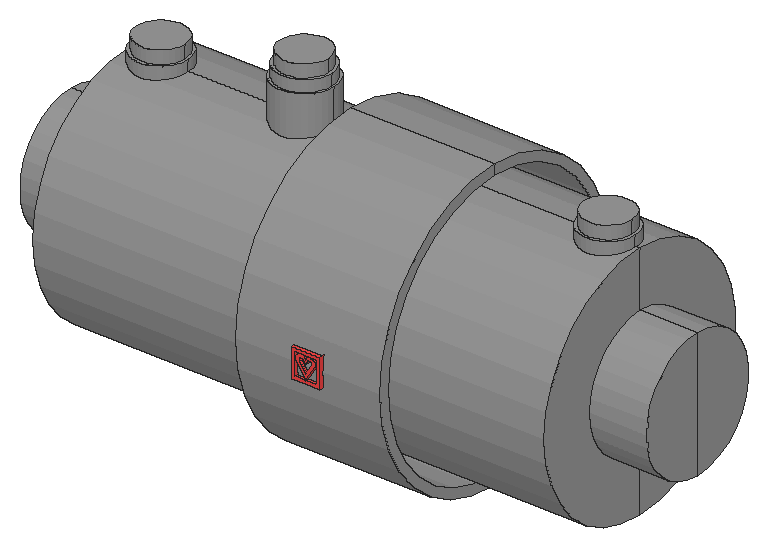
Revit family "HERZ System Separator 0307 AG-AG", category Rohrzubehör, Revit 2021
Family settings
  Bemaßung runder Anschluss = Durchmesser verwenden
  Teiletyp = Unterbricht
  OmniClass-Nummer = 23.65.55.14
  OmniClass-Titel = Valves for Liquid Services
  Arbeitsebenenbasiert = Nein
  Immer vertikal = Ja
  Beim Laden mit Abzugskörper schneiden = Nein
  Gemeinsam genutzt = Nein
Parameters (values of type "AG-AG DN40-DN40")
  Vorgabe-Ansicht = 0.000 mm
  URL = "www.herzvalves.com"
  SCTWSEQ = "AW;SBT_TYP_AW=\"104\";2"
  SCTWCODE = "04;12;02"  # constant formula
  S03 = 15.000 mm  # constant formula
  S02 = 45.000 mm  # constant formula
  S01 = 98.000 mm  # constant formula
  Nennweite Ein [instance] = if(AG_AG_DN40_DN40, 40.000 mm, if(AG_AG_DN40_DN50, 40.000 mm, if(AG_AG_DN50_DN40, 50.000 mm, if(AG_AG_DN50_DN50, 50.000 mm, 0.000 mm))))  # 40.000 mm
  Nennweite Aus [instance] = if(AG_AG_DN40_DN40, 40.000 mm, if(AG_AG_DN40_DN50, 50.000 mm, if(AG_AG_DN50_DN40, 40.000 mm, if(AG_AG_DN50_DN50, 50.000 mm, 0.000 mm))))  # 40.000 mm
  Model = "The backflow preventer has been developed in accordance with the standard DIN EN 1717.\r\nAccording to this standard, the water quality is divided up into 5 classes depending on the degree of contamination.\r\nBackflow preventers of type BA provide protection against non-drinking water up to hazard class 4.\r\nThis is the highest hazard class that may be safeguarded with a valve.\r\nSafeguarding a standpipe with a lower form of protection than a system separator of type BA per DIN EN 1717 is no longer reflective of current engineering practice and the operator is therefore liable in the event of damage with such a standpipe.\r\nThe functional unit is designed as a single-piece cartridge with large-dimension control piston and pressure surge-damped discharge valve system.\r\nThreaded connections are mutually interchangeable, whereby 16 possible connection variants exist (intake and outlet side available in 1 1/2\" inner or outer thread, alternatively in 2\" inner or outer thread)."
  Medium = "Water (without steam)"  # constant formula
  Max. permissible temperature (short-term) = 80 °C  # constant formula
  Max. operating temperature = 65 °C  # constant formula
  Max. operating pressure = 1000000.0 Pa  # constant formula
  L05 = 73.000 mm  # constant formula
  L04 = 28.000 mm  # constant formula
  L03 = 87.500 mm  # constant formula
  L02 = 18.000 mm  # constant formula
  L01 = 196.000 mm  # constant formula
  Installation position = "Horizontal or perpendicular pointing downwards"  # constant formula
  Note = "Pursuant to Article 33 of the REACH Regulation (EC No. 1907/2006), we are obliged to point out that the material lead is listed on the SVHC list and that all brass components manufactured in our products exceed 0.1% (w / w) lead (CAS: 7439-92-1 / EINECS: 231-100-4).\r\nSince lead is a component part of an alloy, actual exposure is not possible and therefore no additional information on safe use is necessary."
  Hersteller = "HERZ Armaturen Ges.m.b.H."  # constant formula
  D02 = 45.000 mm  # constant formula
  D01 = 37.500 mm  # constant formula
  Body = "stainless steel"  # constant formula
  Part number [instance] = if(AG_AG_DN40_DN40, "I030703", if(AG_AG_DN40_DN50, "I030711", if(AG_AG_DN50_DN40, "I030715", if(AG_AG_DN50_DN50, "I030707", "0"))))  # "I030703"
  Application = "The backflow preventer is an economical solution for retrofitting to standpipes that are required to have a mandatory safety valve according to DIN EN 1717 for preventing the back-suction, back-flowing or back-pressuring of non-drinking water into the drinking water line.\r\nThe backflow preventer is suitable for horizontal installation.\r\nIt can also be fitted perpendicular, although only pointing downwards.\r\nIt is not approved for installation in a riser."
  AG_AG_DN50_DN50 = no
  AG_AG_DN50_DN40 = no
  AG_AG_DN40_DN50 = no
  AG_AG_DN40_DN40 = yes
  AG Aus [instance] = Nennweite Aus / 2  # 20.000 mm
  AG Ein [instance] = Nennweite Ein / 2  # 20.000 mm
Types (5, lengths in mm): name | Nennweite Ein | Nennweite Aus | Model | Part number | AG_AG_DN50_DN50 | AG_AG_DN50_DN40 | AG_AG_DN40_DN50 | AG_AG_DN40_DN40 | AG Aus | AG Ein
  (no name) | 40.000 | 40.000 | "The backflow preventer has been developed in accordance with the standard DIN EN 1717.\r\nAccording to this standard, the water quality is divided up into 5 classes depending on the degree of contamination.\r\nBackflow preventers of type BA provide protection against non-drinking water up to hazard class 4.\r\nThis is the highest hazard class that may be safeguarded with a valve.\r\nSafeguarding a standpipe with a lower form of protection than a system separator of type BA per DIN EN 1717 is no longer reflective of current engineering practice and the operator is therefore liable in the event of damage with such a standpipe.\r\nThe functional unit is designed as a single-piece cartridge with large-dimension control piston and pressure surge-damped discharge valve system.\r\nThreaded connections are mutually interchangeable, whereby 16 possible connection variants exist (intake and outlet side available in 1 1/2\" inner or outer thread, alternatively in 2\" inner or outer thread)." | "I030703" | no | no | no | yes | 20.000 | 20.000
  AG-AG DN40-DN50 | 40.000 | 50.000 | "The backflow preventer has been developed in accordance with the standard DIN EN 1717.\r\nAccording to this standard, the water quality is divided up into 5 classes depending on the degree of contamination.\r\nBackflow preventers of type BA provide protection against non-drinking water up to hazard class 4.\r\nThis is the highest hazard class that may be safeguarded with a valve.\r\nSafeguarding a standpipe with a lower form of protection than a system separator of type BA per DIN EN 1717 is no longer reflective of current engineering practice and the operator is therefore liable in the event of damage with such a standpipe.\r\n\r\nThe functional unit is designed as a single-piece cartridge with large-dimension control piston and pressure surge-damped discharge valve system.\r\nThreaded connections are mutually interchangeable, whereby 16 possible connection variants exist (intake and outlet side available in 1 1/2\" inner or outer thread, alternatively in 2\" inner or outer thread)." | "I030711" | no | no | yes | no | 25.000 | 20.000
  AG-AG DN40-DN40 | 40.000 | 40.000 | "The backflow preventer has been developed in accordance with the standard DIN EN 1717.\r\nAccording to this standard, the water quality is divided up into 5 classes depending on the degree of contamination.\r\nBackflow preventers of type BA provide protection against non-drinking water up to hazard class 4.\r\nThis is the highest hazard class that may be safeguarded with a valve.\r\nSafeguarding a standpipe with a lower form of protection than a system separator of type BA per DIN EN 1717 is no longer reflective of current engineering practice and the operator is therefore liable in the event of damage with such a standpipe.\r\nThe functional unit is designed as a single-piece cartridge with large-dimension control piston and pressure surge-damped discharge valve system.\r\nThreaded connections are mutually interchangeable, whereby 16 possible connection variants exist (intake and outlet side available in 1 1/2\" inner or outer thread, alternatively in 2\" inner or outer thread)." | "I030703" | no | no | no | yes | 20.000 | 20.000
  AG-AG DN50-DN50 | 50.000 | 50.000 | "The backflow preventer has been developed in accordance with the standard DIN EN 1717.\r\nAccording to this standard, the water quality is divided up into 5 classes depending on the degree of contamination.\r\nBackflow preventers of type BA provide protection against non-drinking water up to hazard class 4.\r\nThis is the highest hazard class that may be safeguarded with a valve.\r\nSafeguarding a standpipe with a lower form of protection than a system separator of type BA per DIN EN 1717 is no longer reflective of current engineering practice and the operator is therefore liable in the event of damage with such a standpipe.\r\n\r\nThe functional unit is designed as a single-piece cartridge with large-dimension control piston and pressure surge-damped discharge valve system.\r\nThreaded connections are mutually interchangeable, whereby 16 possible connection variants exist (intake and outlet side available in 1 1/2\" inner or outer thread, alternatively in 2\" inner or outer thread)." | "I030707" | yes | no | no | no | 25.000 | 25.000
  AG-AG DN50-DN40 | 50.000 | 40.000 | "The backflow preventer has been developed in accordance with the standard DIN EN 1717.\r\nAccording to this standard, the water quality is divided up into 5 classes depending on the degree of contamination.\r\nBackflow preventers of type BA provide protection against non-drinking water up to hazard class 4.\r\nThis is the highest hazard class that may be safeguarded with a valve.\r\nSafeguarding a standpipe with a lower form of protection than a system separator of type BA per DIN EN 1717 is no longer reflective of current engineering practice and the operator is therefore liable in the event of damage with such a standpipe.\r\n\r\nThe functional unit is designed as a single-piece cartridge with large-dimension control piston and pressure surge-damped discharge valve system.\r\nThreaded connections are mutually interchangeable, whereby 16 possible connection variants exist (intake and outlet side available in 1 1/2\" inner or outer thread, alternatively in 2\" inner or outer thread)." | "I030715" | no | yes | no | no | 20.000 | 25.000
Reference planes
  plane 1 "Mitte (Vorne/hinten)": y = 0
  plane 2: z = 0
  plane 3 "Mitte (Links/rechts)": x = 0
Forms (mm)
  Revolve 1, solid, material "Messing, weicher Gelbton, geschweißt", detail levels fine
    sketch origin (0, 0, 0) x (1, 0, 0) y (0, 0, 1)
      loop
        line (-98, 0) -> (98, 0) -> (98, 20) -> (80, 20) -> (80, 37.5) -> (-80, 37.5) -> (-80, 20) -> (-98, 20) -> (-98, 0)
      axis (-98, 0) -> (98, 0)
    angle from 0 to 360
  Revolve 2, solid, material "Acetalharz, Schwarz", detail levels fine
    sketch origin (0, 0, 0) x (1, 0, 0) y (0, 0, 1)
      loop
        line (-10.5, 0) -> (1.5, 0) -> (1.5, 42) -> (34.5, 42) -> (34.5, 45) -> (-10.5, 45) -> (-10.5, 0)
      axis (-10.5, 0) -> (34.5, 0)
    angle from 0 to 360
  Extrusion 3, solid, material "Messing, weicher Gelbton, geschweißt", detail levels fine
    sketch origin (0, 0, 0) x (1, 0, 0) y (0, 1, 0)
      loop
        circle (-70, 0) r 8.5
      loop
        circle (70, 0) r 8.5
    from 0 to 40.5
  Extrusion 4, solid, material "Acetalharz, Schwarz", detail levels fine
    sketch origin (0, 0, 0) x (1, 0, 0) y (0, 1, 0)
      loop
        circle (-70, 0) r 7.5
      loop
        circle (70, 0) r 7.5
    from 40.5 to 44.5
  Extrusion 5, solid, material "Messing, weicher Gelbton, geschweißt", detail levels fine
    sketch origin (0, 0, 0) x (1, 0, 0) y (0, 1, 0)
      loop
        circle (-25, 0) r 9.3
    from 0 to 49
  Extrusion 6, solid, material "Messing, weicher Gelbton, geschweißt", detail levels fine
    sketch origin (0, 0, 0) x (1, 0, 0) y (0, 1, 0)
      loop
        circle (-25, 0) r 8.5
    from 49 to 52.5
  Extrusion 7, solid, material "Acetalharz, Schwarz", visible <- "AG_AG_DN40_DN50", detail levels fine
    sketch origin (0, 0, 0) x (1, 0, 0) y (0, 1, 0)
      loop
        circle (-25, 0) r 7.5
    from 52.5 to 56.5
  Extrusion 8, solid, material "Acetalharz, Schwarz", visible <- "AG_AG_DN40_DN40", detail levels fine
    sketch origin (0, 0, 0) x (1, 0, 0) y (0, 1, 0)
      loop
        circle (-25, 0) r 7.5
    from 52.5 to 56.4
  Extrusion 9, solid, material "Acetalharz, Schwarz", visible <- "AG_AG_DN50_DN50", detail levels fine
    sketch origin (0, 0, 0) x (1, 0, 0) y (0, 1, 0)
      loop
        circle (-25, 0) r 7.5
    from 52.5 to 56.3
  Extrusion 10, solid, material "Acetalharz, Schwarz", visible <- "AG_AG_DN50_DN40", detail levels fine
    sketch origin (0, 0, 0) x (1, 0, 0) y (0, 1, 0)
      loop
        circle (-25, 0) r 7.5
    from 52.5 to 56.2
Lines and regions (mm)
  model lines, detail levels coarse+medium
    curve 1: line (-98, 0, 37.5) -> (98, 0, 37.5)
    curve 2: line (-98, 0, -37.5) -> (-98, 0, 37.5)
    curve 3: line (98, 0, -37.5) -> (-98, 0, -37.5)
    curve 4: line (98, 0, 37.5) -> (98, 0, -37.5)
    curve 5: line (-98, 0, -22.5) -> (-53, 0, -22.5)
    curve 6: line (0, 0, -22.5) -> (98, 0, -22.5)
    curve 7: line (-98, 0, 22.5) -> (-53, 0, 22.5)
    curve 8: line (0, 0, 22.5) -> (98, 0, 22.5)
    curve 9: line (-98, 37.5, 0) -> (98, 37.5, 0)
    curve 10: line (-98, -37.5, 0) -> (-98, 37.5, 0)
    curve 11: line (98, -37.5, 0) -> (-98, -37.5, 0)
    curve 12: line (98, 37.5, 0) -> (98, -37.5, 0)
    curve 13: line (-98, 22.5, 0) -> (-53, 22.5, 0)
    curve 14: line (0, 22.5, 0) -> (98, 22.5, 0)
    curve 15: line (-98, -22.5, 0) -> (-53, -22.5, 0)
    curve 16: line (0, -22.5, 0) -> (98, -22.5, 0)
Dimensions and locks
  "L02": Revolve 1 sketch curve to Revolve 1 sketch curve  (x2)
  "L01": Revolve 1 sketch curve to Revolve 1 sketch curve
  equal spacing: Revolve 1 sketch curve, plane 3 "Mitte (Links/rechts)", Revolve 1 sketch curve
  "AG Ein": Revolve 1 sketch curve to plane 2
  "AG Aus": Revolve 1 sketch curve to plane 2
  "D01": Revolve 1 sketch curve to plane 2
  "L03": Revolve 1 to Revolve 2 sketch curve
  equal spacing: curve 4, plane 3 "Mitte (Links/rechts)", curve 2
  "L01": curve 4 to curve 2
  "D01": curve 1 to plane 2 to curve 3
  "S03": curve 5 to curve 3
  "S03": curve 1 to curve 7
  "S03": curve 1 to curve 8
  "S03": curve 6 to curve 3
  "S02": curve 5 to curve 2
  "S02": curve 7 to curve 2
  "S01": curve 8 to curve 4
  "S01": curve 6 to curve 4
  equal spacing: curve 10, plane 3 "Mitte (Links/rechts)", curve 12
  "L01": curve 10 to curve 12
  "D01": curve 11 to plane 1 "Mitte (Vorne/hinten)" to curve 9
  "S03": curve 13 to curve 9
  "S03": curve 11 to curve 15
  "S03": curve 14 to curve 9
  "S03": curve 11 to curve 16
  "S01": curve 14 to curve 12
  "S01": curve 16 to curve 12
  "S02": curve 10 to curve 15
  "S02": curve 10 to curve 13
  "D02": Revolve 2 sketch curve to Revolve 2 sketch curve
  equal spacing: Revolve 2, nested 1, Revolve 2
  "D02": nested 1 to plane 1 "Mitte (Vorne/hinten)"
  "L04": Revolve 1 to Extrusion 3 sketch curve
  "L04": Extrusion 3 sketch curve to Revolve 1
  "L04": Extrusion 4 sketch curve to Revolve 1
  "L04": Revolve 1 to Extrusion 4 sketch curve
  "L05": Revolve 1 to Extrusion 5 sketch curve
  "L05": Revolve 1 to Extrusion 6 sketch curve
  "L05": Revolve 1 to Extrusion 10 sketch curve
  "L05": Revolve 1 to Extrusion 9 sketch curve
  "L05": Revolve 1 to Extrusion 8 sketch curve
  "L05": Revolve 1 to Extrusion 7 sketch curve
  aligned and locked: level to plane 2
Automatic sketch dimensions
  Revolve 1 sketch curve to level = 0.000 mm  (x2)
  Revolve 1 sketch curve to Revolve 1 sketch curve = 1408.530 mm
  Revolve 1 sketch curve to Revolve 1 sketch curve = 1741.148 mm
  Revolve 2 sketch curve to level = 0.000 mm  (x2)
  plane 3 "Mitte (Links/rechts)" to Revolve 2 sketch curve = 1.500 mm
  Revolve 2 sketch curve to Revolve 2 sketch curve = 33.000 mm
  Revolve 2 sketch curve to Revolve 2 sketch curve = 3.000 mm
  Revolve 2 sketch curve to Revolve 2 sketch curve = 1496.030 mm
  Revolve 2 sketch curve to Revolve 2 sketch curve = 1804.648 mm
  plane 1 "Mitte (Vorne/hinten)" to Extrusion 3 sketch curve = 0.000 mm  (x2)
  plane 1 "Mitte (Vorne/hinten)" to Extrusion 4 sketch curve = 0.000 mm  (x2)
  plane 1 "Mitte (Vorne/hinten)" to Extrusion 5 sketch curve = 0.000 mm
  plane 1 "Mitte (Vorne/hinten)" to Extrusion 6 sketch curve = 0.000 mm
  plane 1 "Mitte (Vorne/hinten)" to Extrusion 7 sketch curve = 0.000 mm
  plane 1 "Mitte (Vorne/hinten)" to Extrusion 8 sketch curve = 0.000 mm
  plane 1 "Mitte (Vorne/hinten)" to Extrusion 9 sketch curve = 0.000 mm
  plane 1 "Mitte (Vorne/hinten)" to Extrusion 10 sketch curve = 0.000 mm
  radius of Extrusion 3 sketch curve = 8.500 mm  (x2)
  radius of Extrusion 4 sketch curve = 7.500 mm  (x2)
  radius of Extrusion 5 sketch curve = 9.300 mm
  radius of Extrusion 6 sketch curve = 8.500 mm
  radius of Extrusion 7 sketch curve = 7.500 mm
  radius of Extrusion 8 sketch curve = 7.500 mm
  radius of Extrusion 9 sketch curve = 7.500 mm
  radius of Extrusion 10 sketch curve = 7.500 mm
Nested families
  nested 1: "Herz-Logo-vorne" at (12, -45, 0) x (0, 1, 0) z (0, 0, 1), type "Herz-Logo-vorne", detail levels fine
Connectors
  piping at (-98, 0, 0), diameter 40, driven by "Nennweite Ein"
    settings: on Revolve 1, index 2, connector inside diameter 609.6 mm, connector length 0.000 mm, flow factor 0, pipe flow 0.0 L/s, pressure drop 0.0 Pa, fitting loss kfactor 0, connector angle 0.00°, fixture units 0, engagement length 0.000 mm, angle of deflection 0.00°, flow configuration 0, flow direction 1, fitting loss method 0, system type 29, joint type 0, gender type 0, connector reference index -1, connector utility 0, adjustable connector no, is connector primary yes, connector description ""
  piping at (98, 0, 0), diameter 40, driven by "Nennweite Aus"
    settings: on Revolve 1, index 3, connector inside diameter 609.6 mm, connector length 0.000 mm, flow factor 0, pipe flow 0.0 L/s, pressure drop 0.0 Pa, fitting loss kfactor 0, connector angle 0.00°, fixture units 0, engagement length 0.000 mm, angle of deflection 0.00°, flow configuration 0, flow direction 2, fitting loss method 0, system type 29, joint type 0, gender type 0, connector reference index -1, connector utility 0, adjustable connector no, is connector primary no, connector description ""
Definition of nested family "Herz-Logo-vorne"
  Parameters (values of type "Herz-Logo-vorne")
    Default Elevation = 0.000 mm
  Reference planes
    plane 1 "Mitte (Vorne/hinten)": y = 0
    plane 2: z = 0
    plane 3 "Mitte (Links/rechts)": x = 0
  Forms (mm)
    Extrusion 1, solid
      sketch origin (0.732, -0.018, 0.017) x (0, -1, 0) y (0, 0, 1)
        loop
          line (-0.018, -4.517) -> (4.482, -4.517) -> (4.482, 4.483) -> (-4.518, 4.483) -> (-4.518, -4.517) -> (-0.018, -4.517)
        loop
          line (-0.05, -3.48) -> (3.482, -3.48) -> (3.482, 3.483) -> (-3.518, 3.483) -> (-3.518, -3.48) -> (-0.05, -3.48)
        loop
          arc (-0.018, 2.383) -> (-1.543, 3.287) -> (-3.067, 2.383) r 1.738
          arc (-3.067, 2.383) -> (-3.191, 1.899) -> (-3.067, 1.415) r 1.009
          line (-3.067, 1.415) -> (-0.018, -3.281) -> (3.032, 1.415)
          arc (3.032, 1.415) -> (3.156, 1.899) -> (3.032, 2.383) r 1.009
          arc (3.032, 2.383) -> (1.507, 3.287) -> (-0.018, 2.383) r 1.738
        loop
          arc (1.885, 1.272) -> (2.005, 1.675) -> (1.885, 2.079) r 0.74
          arc (1.885, 2.079) -> (1.265, 2.416) -> (0.644, 2.079) r 0.74
          line (0.644, 2.079) -> (-0.018, 0.97) -> (-0.679, 2.079)
          arc (-0.679, 2.079) -> (-1.3, 2.416) -> (-1.921, 2.079) r 0.74
          arc (-1.921, 2.079) -> (-2.04, 1.675) -> (-1.921, 1.272) r 0.74
          line (-1.921, 1.272) -> (-0.018, -1.658) -> (1.885, 1.272)
      from 0 to 1.5
  Dimensions and locks
    aligned and locked: level to plane 2
